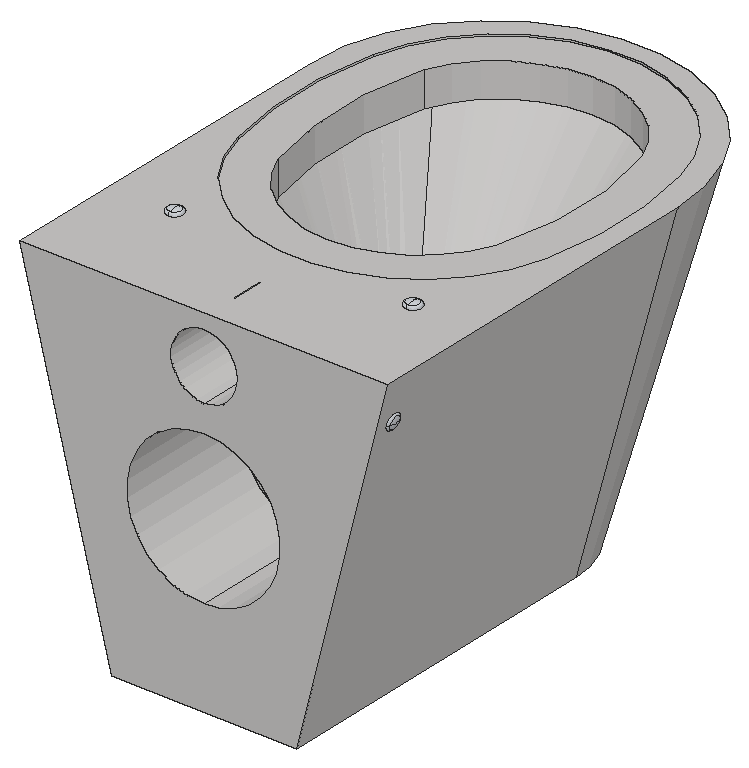
Revit family "DLB060013-FR", category Appareils sanitaires, Revit 2015
Parameters (values of type "Type 1")
  URL = "http://www.delabie.fr"
  Radius (Sortie) = 100 mm
  Radius (Entrée) = 45 mm
  Commentaires du type = "WC"
  Référence = "110310"
  Profondeur = 535 mm
  Modèle = "S21 S"
  Fabricant = "DELABIE"
  Lien notice d'installation = "http://www.delabie.fr/produits/110310\r\n"
  Lien fiche produit = "http://www.delabie.fr/produits/110310\r\n"
  Lien certification = "http://www.delabie.fr/produits/110310\r\n"
  Lien CCTP = "http://www.delabie.fr/produits/110310\r\n"
  Largeur = 360 mm
  Hauteur = 350 mm
  Finition = "Inox 304 poli satiné"
  Famille de produits = "WC"
  Description = "DELABIE, fabricant français, est le leader européen de l'équipement sanitaire pour les établissements recevant du public. Robinetteries, solutions pour personnes à mobilité réduite, appareils sanitaires, destinés aux écoles, lieux de loisirs, bureaux, hôpitaux, aéroports, ..."
  Descriptif = "WC suspendu. \r\nCompatible avec tous les bâti-supports standards du marché. \r\nDesign pur et élégant. \r\nInox 304 bactériostatique. \r\nÉpaisseur Inox : 1,5 mm. \r\nCuvette emboutie, sans soudures, pour un entretien facile et une meilleure hygiène. \r\nIntérieur de la cuvette poli et bords arrondis pour un nettoyage aisé. \r\nRebord à effet d’eau intégré. \r\nArrivée d’eau horizontale Ø 55 mm. \r\nÉvacuation d’eau horizontale Ø 100 mm. \r\nÉconomie d’eau : fonctionne avec 4 L d'eau et plus. \r\nDessous fermé. \r\nPerçages pour la fixation de l’abattant. Livré avec cache-trous en Inox pour utilisation sans abattant. \r\nInstallation rapide et facile : montage par l’avant grâce à une platine de fixation en Inox. \r\nLivré avec platine de montage et 6 vis antivol TORX. \r\nMarquage CE. Conforme à la norme EN 997 pour une chasse d’eau 4 L.\r\nPoids : 11 kg."
  Assembly Code = ""
Reference planes
  plane 1: y = 0
  plane 2 "Center (Left/Right)": x = 125
  plane 3 "Back": y = 75
Text (mm)
  text "Placement side" at (-1787.139, 592.35, 0), in view "Ref. Level"
  text "Placement side" at (0, 1827.695, 2917.686), in view "Left"
  text "Placement side" at (0, 562.268, 3853.606), in view "Right"
Dimensions and locks
  locked: plane 3 "Back" to host wall at 0
  aligned and locked: host wall to plane 1
Nested families
  nested 1: "0112030001" at (125, 75, 500) x (-1, 0, 0) z (0, 1, 0), type "0112030001"
Connectors
  piping at (131.473, 75, 619.326), diameter 45, driven by "Radius (Entrée)"
    settings: on nested 1, index 1, connector inside diameter 609.6 mm, connector length 0 mm, flow factor 0, pipe flow 0.0 L/s, pressure drop 0.0 Pa, fitting loss kfactor 0, connector angle 0.00°, fixture units 0, engagement length 0 mm, angle of deflection 0.00°, flow configuration 0, flow direction 1, fitting loss method 0, system type 7, joint type 0, gender type 0, connector reference index -1, connector utility 0, adjustable connector no, is connector primary yes, connector description "Alimentation"
  piping at (131.473, 75, 485.798), diameter 100, driven by "Radius (Sortie)"
    settings: on nested 1, index 2, connector inside diameter 609.6 mm, connector length 0 mm, flow factor 0, pipe flow 0.0 L/s, pressure drop 0.0 Pa, fitting loss kfactor 0, connector angle 0.00°, fixture units 0, engagement length 0 mm, angle of deflection 0.00°, flow configuration 0, flow direction 2, fitting loss method 0, system type 16, joint type 0, gender type 0, connector reference index -1, connector utility 0, adjustable connector no, is connector primary no, connector description "Evacuation"
Definition of nested family "0112030001"
  Parameters
    Default Elevation = 1000 mm
    Description = ""
    Type Comments = ""
    Model = ""
    Manufacturer = "DELABIE"
    URL = "http://www.delabie.fr/"
    Technologie = ""
    Radius = 0 mm
    Profondeur = "135 mm"
    Finition = none
    Lien notice d'installation = "http://www.delabie.fr/produits/2911"
    Lien fiche produit = "http://www.delabie.fr/produits/2911"
    Lien certification = "http://www.delabie.fr/produits/2911"
    Lien CCTP = "http://www.delabie.fr/produits/2911"
    Largeur = "305 mm"
    Features 9 = "Horizontal water inlet: Ø 55mm."
    Features 8 = "Concealed perimetral flushing rim."
    Features 7 = "WC bowl surface is polished with rounded edges for easy cleaning."
    Features 6 = "One-piece pressed WC bowl, seam-free for easy maintenance and better hygiene."
    Features 5 = "Stainless steel thickness: 1.5mm."
    Features 4 = "Bacteriostatic 304 stainless steel."
    Features 3 = "Elegant and simple design."
    Features 2 = "Compatible with all standard frame systems available on the market."
    Features 19 = "Weight: 11kg."
    Features 18 = "Available for through-the-wall installation in service ducts."
    Features 17 = "Optional toilet seat with or without lid."
    Features 16 = "CE marked. Complies with European standard EN 997 for 4L flush."
    Features 15 = "Supplied with fixing plate and 6 theft prevention TORX security screws."
    Features 14 = "Quick and easy to install from the front thanks to a stainless steel mounting frame."
    Features 13 = "Pre-drilled holes for fixing the toilet seat. Supplied with stainless steel blanking caps when installed without toilet seat lid."
    Features 12 = "Shrouded pan."
    Features 11 = "Water saving: works with 4L or more of water."
    Features 10 = "Horizontal waste outlet: Ø 100mm."
    Features 1 = "Wall-hung WC pan."
    Famille de produits = ""
    Débit = ""
    COBie_Weight = "11kg"
    COBie_WarrantyDurationUnit = "10 years"
    COBie_WarrantyDescription = "Any manufacturing defect"
    COBie_Version = "v1"
    COBie_SerialNumber = "3456330153478"
    COBie_ProductInformation = "http://www.delabie.com/products/0112030001"
    COBie_NominalWidth = "53.5cm"
    COBie_NominalLength = "36cm"
    COBie_NominalHeight = "35cm"
    COBie_Name = "S21 S WC pan"
    COBie_ModelNumber = "0112030001"
    COBie_Material = "304 stainless steel"
    COBie_ManufacturerURL = "http://www.delabie.com"
    COBie_ManufacturerName = "DELABIE"
    COBie_Grade = "CE"
    COBie_Finish = "Polished satin"
    COBie_Description = "Wall-hung WC pan"
    COBie_Category = "WC"
    Butée de température = ""
    Alimentation électrique = ""
  Reference planes
    plane 1 "Center (Front/Back)": y = 0
    plane 2: z = 0
    plane 3 "Center (Left/Right)": x = 0
  Forms (mm)
    Extrusion 1, solid
      sketch origin (0, 0, 0) x (1, 0, 0) y (0, 1, 0)
        loop
          line (-1219.2, 1219.2) -> (-1219.2, -1219.2) -> (1219.2, -1219.2) -> (1219.2, 1219.2) -> (-1219.2, 1219.2)
      from 0 to -304.8
  Dimensions and locks
    locked: nested 1 to level at 0
    aligned and locked: plane 2 to Extrusion 1
    aligned and locked: level to Extrusion 1
  Nested families
    nested 1: "0112030001" at (-6.473, -21.124, 83.495) x (0, -1, 0) z (0, 0, 1), type "0112030001"
  Definition of nested family "0112030001"
    Parameters
      Assembly Code = ""
      Description = ""
      URL = ""
      Type Comments = ""
      Technologie = ""
      Radius = 0 mm
      Raccordement = ""
      Profondeur = ""
      Model = ""
      Matériau 1 = none
      Manufacturer = ""
      Lien notice d'installation = ""
      Lien fiche produit = ""
      Lien certification = ""
      Lien CCTP = ""
      Largeur = ""
      Hauteur = ""
      Finition = ""
      Famille de produits = ""
      Débit = ""
      Butée de température = ""
      Alimentation = ""
    Reference planes
      plane 1 "Center (Front/Back)": y = 0
      plane 2: z = 0
      plane 3 "Center (Left/Right)": x = 0
    Forms (mm)
      SweptBlend 1, solid, material <- "Matériau 1"
        path origin (162.881, 0, 190.477) x (0, 0, 1) y (-1, 0, 0)
          loop
            line (0, 349.858) -> (0, 0)
        profile origin (-186.977, 0, 190.477) x (0, 0, 1) y (0, -1, 0)
          loop
            arc (81.027, -180) -> (261.027, 0) -> (81.027, 180) r 180
            line (81.027, 180) -> (-273.973, 180) -> (-273.973, -180) -> (81.027, -180)
        end profile origin (162.881, 0, 190.477) x (0, 0, 1) y (0, -1, 0)
          loop
            arc (69.056, -90.39) -> (159.446, 0) -> (69.056, 90.39) r 90.39
            line (69.056, 90.39) -> (-273.973, 90.39) -> (-273.973, -90.39) -> (69.056, -90.39)
      Sweep 2, void
        path origin (162.881, 0, 190.477) x (0, 0, 1) y (-1, 0, 0)
          loop
            line (0, 350.242) -> (0, 348.358)
        profile origin (-186.419, 0, 190.477) x (0, 0, 1) y (0, -1, 0)
          loop
            arc (-43.633, 151.075) -> (-163.533, 0.389) -> (-44.392, -150.899) r 155.13
            arc (-44.392, -150.899) -> (38.108, -160.601) -> (120.608, -150.899) r 355.621
            arc (120.608, -150.899) -> (240.99, 0.088) -> (120.608, 151.075) r 154.877
            arc (120.608, 151.075) -> (38.487, 160.336) -> (-43.633, 151.075) r 368.714
      SweptBlend 3, void
        path origin (162.881, 0, 190.477) x (0, 0, 1) y (-1, 0, 0)
          loop
            line (0, 314.858) -> (0, 138.806)
        profile origin (-151.977, 0, 190.477) x (0, 0, 1) y (0, -1, 0)
          loop
            arc (-79.556, -119.06) -> (37.905, -144.375) -> (155.444, -119.424) r 287.236
            arc (155.444, -119.424) -> (223.065, -0.034) -> (155.444, 119.356) r 139.208
            arc (155.444, 119.356) -> (37.944, 143.818) -> (-79.556, 119.356) r 294.43
            arc (-79.556, 119.356) -> (-146.063, 0.148) -> (-79.556, -119.06) r 140.089
        end profile origin (24.074, 0, 190.477) x (0, 0, 1) y (0, -1, 0)
          loop
            arc (-38.396, -39.88) -> (-3.802, -52.784) -> (30.345, -38.743) r 50.586
            arc (30.345, -38.743) -> (46.887, -0.001) -> (30.345, 38.74) r 53.636
            arc (30.345, 38.74) -> (-3.031, 48.723) -> (-36.407, 38.74) r 60.782
            arc (-36.407, 38.74) -> (-57.972, -0.05) -> (-38.396, -39.88) r 47.861
      Sweep 4, void
        path origin (162.881, 0, 190.477) x (0, 0, 1) y (-1, 0, 0)
          loop
            line (0, 348.358) -> (0, 314.858)
        profile origin (-168.727, 0, 190.477) x (0, 0, 1) y (0, -1, 0)
          loop
            arc (-49.787, -107.123) -> (39.786, -120.194) -> (129.358, -107.123) r 313.442
            arc (129.358, -107.123) -> (201.927, 0) -> (129.358, 107.123) r 115.35
            arc (129.358, 107.123) -> (39.527, 120.456) -> (-50.303, 107.123) r 309.286
            arc (-50.303, 107.123) -> (-123.788, -0.178) -> (-49.787, -107.123) r 114.678
      Sweep 5, void
        path origin (162.881, 0, 190.477) x (0, 0, 1) y (-1, 0, 0)
          loop
            line (-288.08, 168.761) -> (-138.08, 168.761)
        profile origin (-5.88, 0, -22.603) x (-1, 0, 0) y (0, -1, 0)
          loop
            circle (1.042, 0) r 75
      Sweep 6, void
        path origin (162.881, 0, 190.477) x (0, 0, 1) y (-1, 0, 0)
          loop
            line (-288.624, 307.206) -> (-182.377, 307.206)
        profile origin (-144.326, 0, -45.023) x (-1, 0, 0) y (0, -1, 0)
          loop
            circle (-3.876, 0) r 32.528
      Revolve 7, solid
        sketch origin (162.881, -116.552, 190.477) x (0, 0, 1) y (-1, 0, 0)
          loop
            line (-163.973, 349.858) -> (-163.973, 353.358)
            arc (-163.973, 353.358) -> (-167.113, 353.112) -> (-170.176, 352.379) r 20.108
            arc (-170.176, 352.379) -> (-171.481, 351.414) -> (-171.941, 349.858) r 2.554
            line (-171.941, 349.858) -> (-163.973, 349.858)
          axis (-163.973, 349.858) -> (-163.973, 353.358)
        angle from 0 to 360
      Revolve 8, solid
        sketch origin (162.881, 116.552, 190.477) x (0, 0, 1) y (1, 0, 0)
          loop
            line (-163.973, -349.858) -> (-171.941, -349.858)
            arc (-171.941, -349.858) -> (-171.481, -351.414) -> (-170.176, -352.379) r 2.554
            arc (-170.176, -352.379) -> (-167.113, -353.112) -> (-163.973, -353.358) r 20.108
            line (-163.973, -353.358) -> (-163.973, -349.858)
          axis (-163.973, -349.858) -> (-163.973, -353.358)
        angle from 0 to 360
      Revolve 9, solid
        sketch origin (-230.128, 170.09, 99.581) x (0, 0, 1) y (0.2483, -0.968683, 0)
          loop
            line (-163.973, 349.858) -> (-163.973, 353.358)
            arc (-163.973, 353.358) -> (-167.113, 353.112) -> (-170.176, 352.379) r 20.108
            arc (-170.176, 352.379) -> (-171.481, 351.414) -> (-171.941, 349.858) r 2.554
            line (-171.941, 349.858) -> (-163.973, 349.858)
          axis (-163.973, 349.858) -> (-163.973, 353.358)
        angle from 0 to 360
      Revolve 10, solid
        sketch origin (-230.128, -170.09, 99.581) x (0, 0, 1) y (-0.2483, -0.968683, 0)
          loop
            line (-163.973, -349.858) -> (-171.941, -349.858)
            arc (-171.941, -349.858) -> (-171.481, -351.414) -> (-170.176, -352.379) r 2.554
            arc (-170.176, -352.379) -> (-167.113, -353.112) -> (-163.973, -353.358) r 20.108
            line (-163.973, -353.358) -> (-163.973, -349.858)
          axis (-163.973, -349.858) -> (-163.973, -353.358)
        angle from 0 to 360
    Cuts and joins
      Sweep 2, SweptBlend 3, Sweep 4, Sweep 5, Sweep 6 cuts SweptBlend 1
